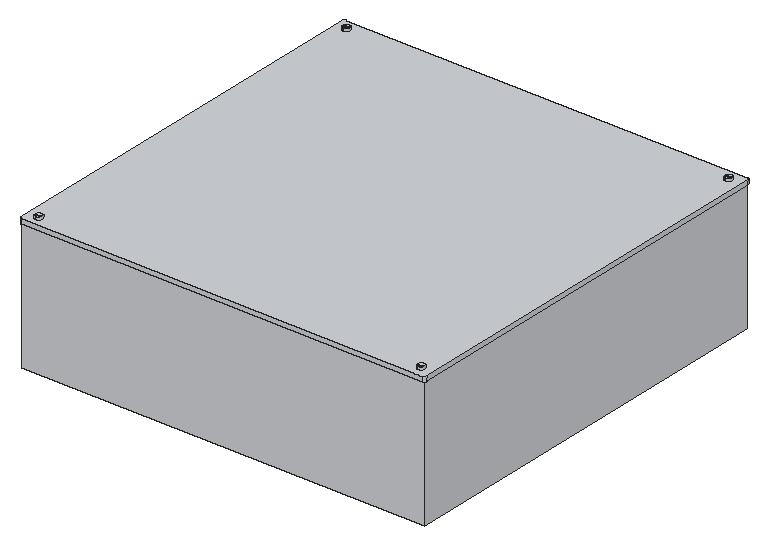
Revit family "AB20G", category Generic Models, Revit 2017
Family settings
  Can host rebar = No
  Round Connector Dimension = Use Diameter
  Part Type = Normal
  Work Plane-Based = Yes
  Always vertical = No
  Cut with Voids When Loaded = No
  Shared = No
  Room Calculation Point = No
Parameters (values of type "NBS Standard Parameters")
  Weight = "1.4375Kg"
  WarrantyStartDate [instance] = "1900-12-31T23:59:59"
  WarrantyGuarantorParts = "n/a"
  WarrantyGuarantorLabor = "n/a"
  WarrantyDurationUnit = "1 year"
  WarrantyDurationParts = "n/a"
  WarrantyDurationLabor = "n/a"
  WarrantyDescription = "n/a"
  Version = "1"
  Uniclass2 = "Pr_65_52_01_86"
  TagNumber [instance] = "n/a"
  SustainabilityPerformance = "n/a"
  Size = "225 X 225 X 75mm (9 X 9 X 3\")"
  Shape = "Square"
  SerialNumber [instance] = "n/a"
  Revision = "n/a"
  ReplacementCost = "n/a"
  ProductInformation = "www.metpro.co.uk/pdf/ab20g.pdf"
  NominalWidth = 225 mm
  NominalLength = 225 mm
  NominalHeight = 75 mm
  Name = ""
  NBSTypeID = ""
  NBSReference = "45-35-00/340"
  NBSOfficeMasterTag = ""
  NBSNote = ""
  NBSDescription = "Surface Boxes"
  NBSCertification = ""
  ModelReference = "AB20G"
  ModelNumber = "n/a"
  Material = "Galvanised Steel Sheet"
  ManufacturerURL = "www.metpro.co.uk"
  ManufacturerName = "Metpro Ltd"
  Keynote = "Compliant to LU standard 1-085"
  InstallationDate [instance] = "1900-12-31T23:59:59"
  IfcExportType = ""
  IfcExportAs = ""
  Grade = "n/a"
  Finish = "Pre Galvanised Sheet Steel"
  Features = "n/a"
  ExpectedLife = "n/a"
  DurationUnit = "year"
  Description = "AB20G - 225 X 225 X 50mm ( 9 X 9 X 3\")  Adaptable Box - Plain"
  Default Elevation = 1219.2 mm
  Constituents = "n/a"
  Color = "n/a"
  CodePerformance = "n/a"
  Category = "n/a"
  BarCode [instance] = "n/a"
  BIMObjectName = "Metpro_metprolibrary_surfaceboxes_adaptableboxes_Plainsided"
  Author = "Metpro Ltd"
  AssetType = ""
  AssetIdentifier [instance] = "n/a"
  AccessibilityPerformance = "n/a"
Reference planes
  plane 1 "Center (Front/Back)": y = 0
  plane 2: z = 0
  plane 3 "Center (Left/Right)": x = 0
Forms (mm)
  Extrusion 1, solid
    sketch origin (-1729.089, 1008.038, 91.925) x (0, -1, 0) y (1, 0, 0)
      loop
        line (-2.199, -230) -> (-2.199, -5) -> (-227.199, -5) -> (-227.199, -230) -> (-2.199, -230)
    from -12.425 to 60.075
  Extrusion 2, solid
    sketch origin (-1729.089, 1008.038, 152) x (0, -1, 0) y (1, 0, 0)
      loop
        line (-226.75, -231) -> (-2.599, -231)
        arc (-2.599, -231) -> (-1.609, -230.59) -> (-1.199, -229.6) r 1.4
        line (-1.199, -229.6) -> (-1.199, -5.4)
        arc (-1.199, -5.4) -> (-1.609, -4.41) -> (-2.599, -4) r 1.4
        line (-2.599, -4) -> (-226.799, -4)
        arc (-226.799, -4) -> (-227.789, -4.41) -> (-228.199, -5.4) r 1.4
        line (-228.199, -5.4) -> (-228.199, -229.551)
        arc (-228.199, -229.551) -> (-227.774, -230.576) -> (-226.75, -231) r 1.449
    from 0 to 2.5
  Extrusion 3, solid
    sketch origin (-1729.089, 1008.038, 154.5) x (0, -1, 0) y (1, 0, 0)
      loop
        circle (-222.199, -224.75) r 2
      loop
        circle (-7.199, -224.75) r 2
      loop
        circle (-222.199, -11) r 2
      loop
        circle (-7.199, -11) r 2
    from 0 to 1
  Extrusion 4, void
    sketch origin (-1729.089, 1008.038, 155.5) x (1, 0, 0) y (0, -1, 0)
      loop
        line (-230, -221.639) -> (-230, -222.759) -> (-216.945, -222.759) -> (-216.945, -221.639) -> (-230, -221.639)
      loop
        line (-230, -6.678) -> (-230, -7.678) -> (-216.945, -7.678) -> (-216.945, -6.678) -> (-230, -6.678)
      loop
        line (-16, -221.691) -> (-16, -222.538) -> (-6.823, -222.538) -> (-6.823, -221.691) -> (-16, -221.691)
      loop
        line (-16, -6.516) -> (-16, -7.511) -> (-5.123, -7.511) -> (-5.123, -6.516) -> (-16, -6.516)
    from 0 to 0.5
Cuts and joins
  Extrusion 4 cuts Extrusion 3
  joined: Extrusion 1, Extrusion 2
Dimensions and locks
  aligned and locked: level to plane 2
